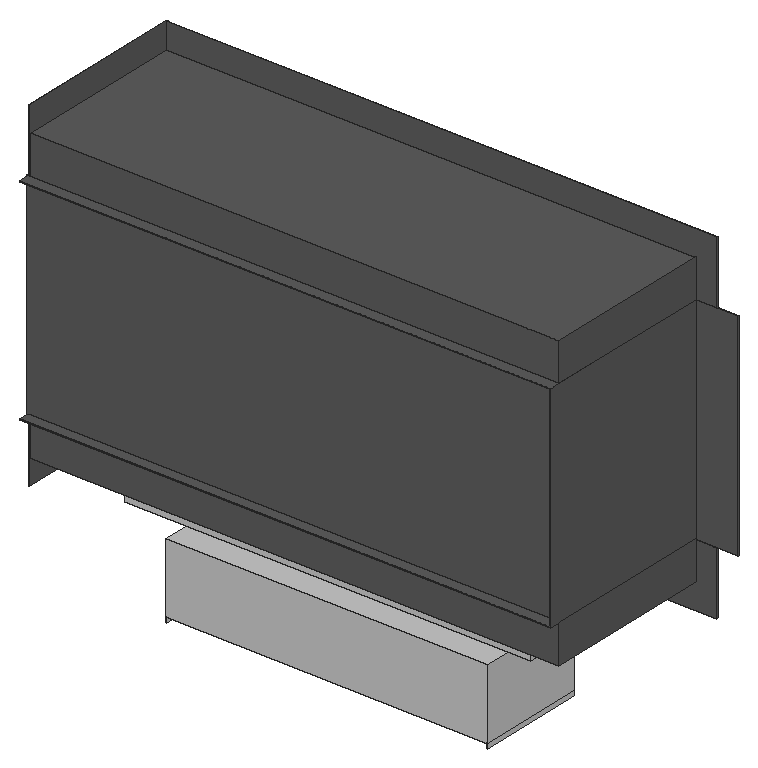
Revit family "1PLANIKA_FLA3_XL_CASING_FORMA_RIGHT-CORNER", category Attrezzatura meccanica, host Muro, Revit 2017
Family settings
  Host = Muro
  Quota connettore circolare = Usa diametro
  Tipo di parte = Normale
  Sempre verticale = Sì
  Taglio con vuoti quando caricato = No
  Condiviso = No
  Punto di calcolo locali = Sì
Parameters (values of type "FLA3_XL_FORMA_1200_RIGHT-CORNER")
  URL = "https://www.planikafires.com"
  TECHNICAL SHEET = "https://www.planikausa.com/indoor-ethanol-fireplaces/two-sided/"
  PRODUCT SHEET = "https://www.archiproducts.com/en/products/planika/bioethanol-fireplace-insert-fla-3-xl-in-casing-forma_431074"
  POWER SUPPLY = 230 V
  NET WEIGHT = 80.70 kg
  Modello = "FLA3 XL in FORMA RIGHT-CORNER"
  Produttore = "PLANIKA"
  MINIMUM ROOM CUBATURE = 81 m³
  MAXIMUM HEAT OUTPUT = 8.1 kWh
  MAXIMUM BURN TIME = "10 hours"
  MATERIAL DESCRIPTION = "Steel, galvanized steel, toughened glass."
  LENGTH = 1320 mm
  HEIGHT = 710 mm
  FUEL TYPE = "Bioethanol 86 - 96,6%"
  FUEL TANK CAPACITY = 17.2 L
  FORMA LENGTH = 1260 mm
  FLAME HEIGHT REGULATION = "6 stages"
  FLA 3 LENGTH = 990 mm
  FINISHING MATERIAL = Black painted steel -  Planika
  ENVIRONMENTAL PERFORMANCE = "Maximum heat output: 8.1 kWh"
  Descrizione = "Planika’s FORMA fireboxes are truly designed with the user in mind, making them a perfect focal point in any setting, residential or commercial alike. The transparent glass on the left corner enables the flame to be viewed from the front and the left corner, maximising the undisturbed view of the flickering flames. Now, thanks to the zero clearance and self-contained construction, you can frame your fireplace into wood or metal studs."
  DEPTH = 450 mm
  CASING FINISH = Black powder coated steel - Planika
  BIM USER MANUAL = "https://img.edilportale.com/bim/Planika-manual-Planika-bim.pdf"
  BIM BADGE = "https://bim.archiproducts.com/en/badge/bim-archiproducts-featured_658700/about"
  BIM AUTHOR = "https://bim.archiproducts.com"
  APPLICATION = "For indoor use only"
  AIR CHANGE RATE = "1 space volume per hour"
Types (6, lengths in mm): name | NET WEIGHT | MINIMUM ROOM CUBATURE | MAXIMUM HEAT OUTPUT | LENGTH | FUEL TANK CAPACITY | FORMA LENGTH | FLA 3 LENGTH | ENVIRONMENTAL PERFORMANCE
  FLA3_XL_FORMA_1200_RIGHT-CORNER | 80.70 kg | 81 m³ | 8.1 kWh | 1320 | 17.2 L | 1260 | 990 | "Maximum heat output: 8.1 kWh"
  FLA3_XL_FORMA_1000_RIGHT-CORNER | 67.70 kg | 69 m³ | 6.9 kWh | 1120 | 13.4 L | 1057 | 790 | "Maximum heat output: 6.9 kWh"
  FLA3_XL_FORMA_1500_RIGHT-CORNER | 97.60 kg | 113 m³ | 11.2 kWh | 1630 | 21.0 L | 1565 | 1190 | "Maximum heat output: 11.2 kWh"
  FLA3_XL_FORMA_1800_RIGHT-CORNER | 114.90 kg | 150 m³ | 15 kWh | 1930 | 26.8 L | 1870 | 1490 | "Maximum heat output: 15 kWh"
  FLA3_XL_FORMA_2300_RIGHT-CORNER | 159.80 kg | 212 m³ | 21.2 kWh | 2440 | 36.3 L | 2378 | 1990 | "Maximum heat output: 21.2 kWh"
  FLA3_XL_FORMA_2700_RIGHT-CORNER | 233.40 kg | 275 m³ | 27.5 kWh | 2800 | 45.9 L | 2733 | 2490 | "Maximum heat output: 27.5 kWh"
Reference planes
  plane 1 "Wall": y = 0
  plane 2 "Center (Left/Right)": x = 125
  plane 3 "Back": y = 254
  plane 4: x = 755
  plane 5: x = -505
Forms (mm)
  Extrusion 1, void
    sketch origin (125, 0, 0) x (0, 1, 0) y (0, 0, 1)
      loop
        line (-202, 1898.739) -> (-202, 1390.739) -> (254, 1390.739) -> (254, 1898.739) -> (-202, 1898.739)
    from -630 to 630
Text (mm)
  text "Placement Side" at (-1848.837, 1116.779, 0), in view "Ref. Level"
  text "Placement side" at (0, 1409.804, 2854.306), in view "Left"
  text "Placement side" at (0, 499.811, 2980.732), in view "Right"
Dimensions and locks
  locked: plane 3 "Back" to host wall
  equal spacing: plane 4, plane 2 "Center (Left/Right)", plane 5
  "FORMA LENGTH": plane 4 to plane 5
  locked: nested 1 to plane 3 "Back" at 228.2
  aligned and locked: plane 1 "Wall" to host wall
  aligned and locked: nested 1 to plane 2 "Center (Left/Right)"
  aligned and locked: Extrusion 1 sketch curve to host wall
  aligned and locked: Extrusion 1 to plane 5
  aligned and locked: plane 4 to Extrusion 1
Automatic sketch dimensions
  Extrusion 1 sketch curve to host wall = 52 mm
  level to Extrusion 1 sketch curve = 1390.739 mm
  Extrusion 1 sketch curve to Extrusion 1 sketch curve = 508 mm
Nested families
  nested 1: "FLA_3_XL" at (125, 25.8, 993.239) x (-1, 0, 0) z (0, 0, 1), Length <- "FLA 3 LENGTH", Material <- "FINISHING MATERIAL", type "FLA_3_XL"
    with Material Black painted steel -  Planika, Length 990 mm
  nested 2: "CASING_FORMA" at (125, 204, 1644.739) x (1, 0, 0) z (0, 1, 0), Length <- "FORMA LENGTH", MATERIAL <- "CASING FINISH", type "CASING_FORMA"
    with MATERIAL Black powder coated steel - Planika, Length 1260 mm
Connectors
  electrical at (77.672, -72.643, 1213.239), driven by "POWER SUPPLY"
    settings: on nested 1, index 1, voltage 230 V, apparent load 0 VA, apparent load phase1 0 VA, apparent load phase2 0 VA, apparent load phase3 0 VA, power factor 1, load classification "Power", number of poles 1, system type 31, power factor state 1, is connector primary yes, connector utility no, sub classification motor no, connector description ""
Definition of nested family "FLA_3_XL"
  Parameters (values of type "FLA_3_XL")
    URL = ""
    Model = ""
    Material [instance] = none
    Manufacturer = ""
    Length [instance] = 990 mm
    Description = ""
    Default Elevation = 1219.2 mm
  Reference planes
    plane 1 "Center (Front/Back)": y = 0
    plane 2: z = 0
    plane 3 "Center (Left/Right)": x = 0
    plane 4: x = -495
    plane 5: x = 495
    plane 6: x = -400
    plane 7: x = 400
    plane 8: x = -447.5
    plane 9: x = 447.5
    plane 10 "Level 1": z = 0
    plane 11: z = 455.862
  Forms (mm)
    Extrusion 1, solid, material <- "Material", detail levels fine
      sketch origin (0, 0, 0) x (0, 1, 0) y (-1, 0, 0)
        loop
          line (-139.982, 495) -> (-139.982, -495) -> (139.98, -495) -> (139.98, 495) -> (-139.982, 495)
        loop
          line (-19.978, 400) -> (-19.978, -400) -> (23.031, -400) -> (23.031, 400) -> (-19.978, 400)
        loop
          line (-72.434, 475) -> (-101.434, 475) -> (-101.434, 470) -> (-72.434, 470) -> (-72.434, 475)
        loop
          line (-72.434, 468) -> (-101.434, 468) -> (-101.434, 463) -> (-72.434, 463) -> (-72.434, 468)
        loop
          line (-41.457, 475) -> (-70.457, 475) -> (-70.457, 470) -> (-41.457, 470) -> (-41.457, 475)
        loop
          line (-41.457, 468) -> (-70.457, 468) -> (-70.457, 463) -> (-41.457, 463) -> (-41.457, 468)
        loop
          line (-70.457, -475) -> (-41.457, -475) -> (-41.457, -470) -> (-70.457, -470) -> (-70.457, -475)
        loop
          line (-70.457, -468) -> (-41.457, -468) -> (-41.457, -463) -> (-70.457, -463) -> (-70.457, -468)
        loop
          line (-101.434, -475) -> (-72.434, -475) -> (-72.434, -470) -> (-101.434, -470) -> (-101.434, -475)
        loop
          line (-101.434, -468) -> (-72.434, -468) -> (-72.434, -463) -> (-101.434, -463) -> (-101.434, -468)
      from 400 to 403
    Extrusion 2, solid, detail levels fine
      sketch origin (0, 0, 0) x (0, 1, 0) y (-1, 0, 0)
        loop
          line (125.097, -480) -> (125.097, 480) -> (-125.1, 480) -> (-125.1, -480) -> (125.097, -480)
        loop
          line (-122.1, -477) -> (122.097, -477) -> (122.097, 477) -> (-122.1, 477) -> (-122.1, -477)
      from 220 to 400
    Extrusion 3, solid, detail levels fine
      sketch origin (-500, 1995.821, 1200) x (0, 1, 0) y (0, 0, 1)
        loop
          arc (-1972.79, -797) -> (-1977.026, -798.755) -> (-1978.781, -802.99) r 5.99
          line (-1978.781, -802.99) -> (-1978.781, -820.489) -> (-1976.085, -820.489) -> (-1976.085, -802.99)
          arc (-1976.085, -802.99) -> (-1975.12, -800.661) -> (-1972.79, -799.696) r 3.294
          line (-1972.79, -799.696) -> (-1972.79, -797)
        loop
          line (-2015.801, -797) -> (-2015.801, -799.696)
          arc (-2015.801, -799.696) -> (-2013.472, -800.661) -> (-2012.507, -802.99) r 3.294
          line (-2012.507, -802.99) -> (-2012.507, -820.489) -> (-2009.81, -820.489) -> (-2009.81, -802.99)
          arc (-2009.81, -802.99) -> (-2011.565, -798.755) -> (-2015.801, -797) r 5.99
      from 100 to 900
    Extrusion 4, solid, detail levels fine
      sketch origin (0, 0, 0) x (0, 1, 0) y (-1, 0, 0)
        loop
          line (122.097, 477) -> (-122.1, 477) -> (-122.1, -477) -> (122.097, -477) -> (122.097, 477)
      from 220 to 223
    Extrusion 5, solid, detail levels fine
      sketch origin (0, 0, 0) x (0, 1, 0) y (-1, 0, 0)
        loop
          circle (-36.96, 0) r 7.5
      from 403 to 422
    Extrusion 6, solid, detail levels fine
      sketch origin (0, 0, 0) x (0, 1, 0) y (-1, 0, 0)
        loop
          circle (-36.96, -250) r 7.5
      from 403 to 422
    Extrusion 7, solid, detail levels fine
      sketch origin (0, 0, 0) x (0, 1, 0) y (-1, 0, 0)
        loop
          circle (-36.96, 250) r 7.5
      from 403 to 422
    Extrusion 8, solid, detail levels fine
      sketch origin (-447.5, 1995.821, 1200) x (0, 1, 0) y (0, 0, 1)
        loop
          line (-2030.396, -744.138) -> (-2035.196, -744.138)
          arc (-2035.196, -744.138) -> (-2035.55, -744.284) -> (-2035.696, -744.638) r 0.5
          line (-2035.696, -744.638) -> (-2035.696, -793.638)
          arc (-2035.696, -793.638) -> (-2035.55, -793.991) -> (-2035.196, -794.138) r 0.5
          line (-2035.196, -794.138) -> (-2030.396, -794.138)
          arc (-2030.396, -794.138) -> (-2030.043, -793.991) -> (-2029.896, -793.638) r 0.5
          line (-2029.896, -793.638) -> (-2029.896, -744.638)
          arc (-2029.896, -744.638) -> (-2030.043, -744.284) -> (-2030.396, -744.138) r 0.5
      from 0 to 895
    Extrusion 9, solid, detail levels medium
      sketch origin (0, 0, 0) x (0, 1, 0) y (-1, 0, 0)
        loop
          line (-139.982, 495) -> (-139.982, -495) -> (139.98, -495) -> (139.98, 495) -> (-139.982, 495)
      from 0 to 400
    Extrusion 10, solid, detail levels fine
      sketch origin (-447.5, 1994.334, 1200) x (0, 1, 0) y (0, 0, 1)
        loop
          line (-1984.329, -792.199) -> (-1989.312, -792.199) -> (-1989.312, -795.189) -> (-1985.824, -795.189) -> (-1985.824, -802.166) -> (-2002.767, -802.166) -> (-2002.767, -795.189) -> (-1999.279, -795.189) -> (-1999.279, -792.199) -> (-2004.262, -792.199) -> (-2004.262, -822.1) -> (-1984.329, -822.1) -> (-1984.329, -792.199)
      from 47.5 to 847.5
    Extrusion 11, solid, detail levels fine
      sketch origin (0, 0, 0) x (0, 1, 0) y (-1, 0, 0)
        loop
          line (127, 381) -> (-127, 381) -> (-127, -381) -> (127, -381) -> (127, 381)
      from 10 to 176
    Extrusion 12, solid, detail levels fine
      sketch origin (96, 0, 0) x (1, 0, 0) y (0, 1, 0)
        loop
          line (-477, -127) -> (-474, -127) -> (-474, 127) -> (-477, 127) -> (-477, -127)
      from 0 to 10
    Extrusion 13, solid, detail levels fine
      sketch origin (-225, 0, 0) x (-1, 0, 0) y (0, -1, 0)
        loop
          line (-606, 127) -> (-606, -127) -> (-603, -127) -> (-603, 127) -> (-606, 127)
      from 0 to 10
    Extrusion 14, solid, detail levels fine
      sketch origin (0, 0, 0) x (1, 0, 0) y (0, 1, 0)
        loop
          line (32.328, 108.443) -> (32.328, 88.443) -> (62.328, 88.443) -> (62.328, 108.443) -> (32.328, 108.443)
      from 220 to 223
  Lines and regions (mm)
    model lines, detail levels coarse+medium
      curve 1: line (-495, -139.982, 0) -> (495, -139.982, 0)
      curve 2: line (-495, 139.98, 0) -> (-495, -139.982, 0)
      curve 3: line (495, 139.98, 0) -> (-495, 139.98, 0)
      curve 4: line (495, -139.982, 0) -> (495, 139.98, 0)
    model lines, detail levels medium
      curve 5: line (-400, -19.978, 0) -> (400, -19.978, 0)
      curve 6: line (-400, 23.031, 0) -> (-400, -19.978, 0)
      curve 7: line (400, 23.031, 0) -> (-400, 23.031, 0)
      curve 8: line (400, -19.978, 0) -> (400, 23.031, 0)
      curve 9: line (-447.5, -39.875, 0) -> (447.5, -39.875, 0)
      curve 10: line (-447.5, -34.075, 0) -> (-447.5, -39.875, 0)
      curve 11: line (447.5, -34.075, 0) -> (-447.5, -34.075, 0)
      curve 12: line (447.5, -39.875, 0) -> (447.5, -34.075, 0)
  Dimensions and locks
    equal spacing: plane 4, plane 3 "Center (Left/Right)", plane 5
    "Length": plane 4 to plane 5
    locked: plane 4 to plane 6 at 95
    locked: plane 7 to plane 5 at 95
    equal spacing: plane 4, plane 8, plane 6
    equal spacing: plane 7, plane 9, plane 5
    Extrusion 10 sketch curve to Extrusion 10 sketch curve to Extrusion 10 sketch curve to Extrusion 10 sketch curve = 19.934 mm locked, 6.977 mm locked, 2.99 mm locked
    locked: plane 10 "Level 1" to Extrusion 10 sketch curve at 377.9
    Extrusion 3 sketch curve to Extrusion 3 sketch curve to Extrusion 3 sketch curve to plane 10 "Level 1" = 2.696 mm locked, 20.792 mm locked, 379.511 mm locked
    plane 10 "Level 1" to Extrusion 8 sketch curve to Extrusion 8 sketch curve = 405.862 mm locked, 50 mm locked
    locked: Extrusion 14 to Extrusion 14 at 3
    locked: plane 11 to plane 2 at 455.862
    Extrusion 11 to plane 3 "Center (Left/Right)" to Extrusion 11 = 381 mm locked, 381 mm locked
    locked: Extrusion 12 sketch curve to Extrusion 12 sketch curve at 3
    locked: Extrusion 13 sketch curve to Extrusion 13 sketch curve at 3
    aligned and locked: level to plane 2
    aligned and locked: Extrusion 1 sketch curve to plane 4
    aligned and locked: plane 5 to Extrusion 1 sketch curve
    aligned and locked: Extrusion 3 to plane 6
    aligned and locked: plane 7 to Extrusion 3
    aligned and locked: Extrusion 8 to plane 8
    aligned and locked: plane 9 to Extrusion 8
    aligned and locked: Extrusion 9 sketch curve to Extrusion 1  (x2)
    aligned and locked: curve 2 to Extrusion 1
    aligned and locked: curve 4 to Extrusion 1
    aligned and locked: curve 6 to Extrusion 1
    aligned and locked: curve 10 to Extrusion 8
    aligned and locked: curve 12 to Extrusion 8
    aligned and locked: Extrusion 10 to Extrusion 1  (x2)
    aligned and locked: Extrusion 1 sketch curve to plane 7
    aligned and locked: Extrusion 2 to Extrusion 14
    aligned and locked: plane 4 to nested 1
    aligned and locked: nested 1 to Extrusion 1  (x2)
    aligned and locked: nested 2 to plane 11
    aligned and locked: nested 2 to plane 2
    aligned and locked: plane 4 to nested 2
    aligned and locked: plane 5 to nested 2
    aligned and locked: nested 3 to plane 11
    aligned and locked: nested 3 to plane 2
    aligned and locked: nested 3 to Extrusion 9  (x2)
    aligned and locked: Extrusion 12 to Extrusion 11
    aligned and locked: Extrusion 13 to Extrusion 11
  Automatic sketch dimensions
    curve 7 to plane 7 = 0 mm
    plane 1 "Center (Front/Back)" to curve 1 = 139.982 mm
    plane 1 "Center (Front/Back)" to curve 9 = 39.875 mm
    curve 9 to curve 11 = 5.8 mm
    plane 1 "Center (Front/Back)" to curve 6 = 19.978 mm
    curve 8 to plane 1 "Center (Front/Back)" = 23.031 mm
    curve 3 to plane 1 "Center (Front/Back)" = 139.98 mm
    Extrusion 1 sketch curve to plane 6 = 0 mm
    plane 1 "Center (Front/Back)" to Extrusion 1 sketch curve = 139.982 mm
    Extrusion 1 sketch curve to plane 5 = 20 mm  (x2)
    Extrusion 1 sketch curve to Extrusion 1 sketch curve = 38.548 mm  (x2)
    Extrusion 1 sketch curve to Extrusion 1 sketch curve = 0 mm  (x10)
    Extrusion 1 sketch curve to plane 8 = 15.5 mm
    Extrusion 1 sketch curve to Extrusion 1 sketch curve = 29 mm  (x4)
    Extrusion 1 sketch curve to Extrusion 1 sketch curve = 1.977 mm  (x4)
    plane 1 "Center (Front/Back)" to Extrusion 1 sketch curve = 19.978 mm
    Extrusion 1 sketch curve to plane 1 "Center (Front/Back)" = 23.031 mm
    Extrusion 1 sketch curve to plane 1 "Center (Front/Back)" = 139.98 mm
    Extrusion 1 sketch curve to Extrusion 1 sketch curve = 5 mm  (x7)
    Extrusion 1 sketch curve to Extrusion 1 sketch curve = 2 mm  (x2)
    plane 4 to Extrusion 2 sketch curve = 15 mm
    plane 1 "Center (Front/Back)" to Extrusion 2 sketch curve = 125.1 mm
    Extrusion 2 sketch curve to Extrusion 2 sketch curve = 3 mm  (x4)
    Extrusion 2 sketch curve to plane 5 = 18 mm
    Extrusion 2 sketch curve to plane 1 "Center (Front/Back)" = 122.097 mm
    Extrusion 3 sketch curve to Extrusion 3 sketch curve = 0 mm  (x3)
    plane 1 "Center (Front/Back)" to Extrusion 3 sketch curve = 19.98 mm
    plane 1 "Center (Front/Back)" to Extrusion 3 sketch curve = 16.685 mm
    Extrusion 3 sketch curve to plane 1 "Center (Front/Back)" = 17.041 mm
    Extrusion 3 sketch curve to Extrusion 3 sketch curve = 2.696 mm
    Extrusion 3 sketch curve to Extrusion 3 sketch curve = 3.294 mm
    Extrusion 3 sketch curve to Extrusion 3 sketch curve = 17.498 mm
    plane 4 to Extrusion 4 sketch curve = 18 mm
    plane 1 "Center (Front/Back)" to Extrusion 4 sketch curve = 122.1 mm
    Extrusion 4 sketch curve to plane 1 "Center (Front/Back)" = 122.097 mm
    Extrusion 4 sketch curve to plane 5 = 18 mm
    Extrusion 5 sketch curve to plane 3 "Center (Left/Right)" = 0 mm
    plane 1 "Center (Front/Back)" to Extrusion 5 sketch curve = 36.96 mm
    plane 1 "Center (Front/Back)" to Extrusion 6 sketch curve = 36.96 mm
    Extrusion 6 sketch curve to plane 7 = 150 mm
    plane 1 "Center (Front/Back)" to Extrusion 7 sketch curve = 36.96 mm
    plane 6 to Extrusion 7 sketch curve = 150 mm
    plane 1 "Center (Front/Back)" to Extrusion 8 sketch curve = 39.875 mm
    Extrusion 8 sketch curve to Extrusion 8 sketch curve = 0.5 mm  (x3)
    Extrusion 8 sketch curve to Extrusion 8 sketch curve = 4.8 mm  (x2)
    plane 1 "Center (Front/Back)" to Extrusion 9 sketch curve = 139.982 mm
    Extrusion 9 sketch curve to plane 1 "Center (Front/Back)" = 139.98 mm
    plane 1 "Center (Front/Back)" to Extrusion 10 sketch curve = 9.928 mm
    plane 1 "Center (Front/Back)" to Extrusion 10 sketch curve = 8.433 mm
    Extrusion 10 sketch curve to Extrusion 10 sketch curve = 3.488 mm  (x2)
    Extrusion 10 sketch curve to plane 1 "Center (Front/Back)" = 5.022 mm
    Extrusion 10 sketch curve to Extrusion 10 sketch curve = 1.495 mm
    Extrusion 10 sketch curve to Extrusion 10 sketch curve = 6.977 mm
    Extrusion 10 sketch curve to Extrusion 10 sketch curve = 2.99 mm
    plane 6 to Extrusion 11 sketch curve = 19 mm
    plane 1 "Center (Front/Back)" to Extrusion 11 sketch curve = 127 mm
    Extrusion 11 sketch curve to plane 1 "Center (Front/Back)" = 127 mm
    Extrusion 11 sketch curve to plane 7 = 19 mm
    plane 6 to Extrusion 12 sketch curve = 19 mm
    plane 1 "Center (Front/Back)" to Extrusion 12 sketch curve = 127 mm
    Extrusion 12 sketch curve to plane 1 "Center (Front/Back)" = 127 mm
    plane 7 to Extrusion 13 sketch curve = 19 mm
    Extrusion 13 sketch curve to plane 1 "Center (Front/Back)" = 127 mm
    plane 1 "Center (Front/Back)" to Extrusion 13 sketch curve = 127 mm
    plane 3 "Center (Left/Right)" to Extrusion 14 sketch curve = 32.328 mm
    Extrusion 14 sketch curve to Extrusion 14 sketch curve = 30 mm
    Extrusion 14 sketch curve to plane 1 "Center (Front/Back)" = 88.443 mm
    Extrusion 14 sketch curve to Extrusion 14 sketch curve = 20 mm
    radius of Extrusion 5 sketch curve = 7.5 mm
    radius of Extrusion 6 sketch curve = 7.5 mm
    radius of Extrusion 7 sketch curve = 7.5 mm
  Nested families
    nested 1: "FIREPLACE_SYMBOL_detail item" at (175, -0.001, 0), type "FIREPLACE_SYMBOL_detail item", detail levels coarse
      with WIDTH 1340 mm, HEIGHT 279.962 mm
    nested 2: "FIREPLACE_SYMBOL_detail item" at (0, 0, 227.931) x (1, 0, 0) z (0, -1, 0), type "FIREPLACE_SYMBOL_detail item", detail levels coarse
      with WIDTH 990 mm, HEIGHT 455.862 mm
    nested 3: "FIREPLACE_SYMBOL_detail item" at (0, -0.001, 227.931) x (0, 1, 0) z (1, 0, 0), type "FIREPLACE_SYMBOL_detail item", detail levels coarse
      with WIDTH 279.962 mm, HEIGHT 455.862 mm
  Connectors
    electrical at (47.328, 98.443, 220)
      settings: on Extrusion 14, index 1, voltage 230 V, apparent load 0 VA, apparent load phase1 0 VA, apparent load phase2 0 VA, apparent load phase3 0 VA, power factor 1, load classification none, number of poles 1, system type 31, power factor state 1, is connector primary yes, connector utility no, sub classification motor no, connector description ""
  Definition of nested family "FIREPLACE_SYMBOL_detail item"
    Parameters (values of type "FIREPLACE_SYMBOL_detail item")
      WIDTH [instance] = 500 mm
      HEIGHT [instance] = 500 mm
    Reference planes
      plane 1 "Center (Front/Back)": y = 0
      plane 2: z = 0
      plane 3 "Center (Left/Right)": x = 0
      plane 4: x = 250
      plane 5: x = -250
      plane 6: y = 250
      plane 7: y = -250
    Lines and regions (mm)
      Filled region 1, type "Concrete", in view "Ref. Level"
        outline origin (-246.617, 90, 0) x (1, 0, 0) y (0, 1, 0)
          loop
            line (-3.383, -340) -> (496.617, -340) -> (496.617, 160) -> (-3.383, -340)
      detail lines, in view "Ref. Level"
        curve 1: line (-250, 250, 0) -> (250, 250, 0)
        curve 2: line (-250, -250, 0) -> (-250, 250, 0)
        curve 3: line (250, -250, 0) -> (-250, -250, 0)
        curve 4: line (250, 250, 0) -> (250, -250, 0)
    Dimensions and locks
      equal spacing: plane 5, plane 3 "Center (Left/Right)", plane 4
      equal spacing: plane 7, plane 1 "Center (Front/Back)", plane 6
      "WIDTH": plane 5 to plane 4
      "HEIGHT": plane 7 to plane 6
      aligned and locked: plane 6 to curve 1
      aligned and locked: plane 5 to curve 2
      aligned and locked: curve 3 to plane 7
      aligned and locked: curve 4 to plane 4
      aligned and locked: plane 6 to Filled region 1 sketch curve
      aligned and locked: plane 5 to Filled region 1 sketch curve
      aligned and locked: Filled region 1 sketch curve to plane 4
      aligned and locked: plane 7 to Filled region 1 sketch curve
Definition of nested family "CASING_FORMA"
  Parameters (values of type "CASING_FORMA")
    Width = 406 mm
    Height = 688 mm
    Length [instance] = 1260 mm
    MATERIAL [instance] = none
    Default Elevation = 1219.2 mm
  Reference planes
    plane 1 "Center (Front/Back)": y = 0
    plane 2: z = 0
    plane 3 "Center (Left/Right)": x = 0
    plane 4: x = -630
    plane 5: x = 630
    plane 6: y = 344
    plane 7: y = -344
    plane 8: z = -406
  Forms (mm)
    Extrusion 1, solid, material <- "MATERIAL"
      sketch origin (0, 0, 0) x (1, 0, 0) y (0, 1, 0)
        loop
          line (-625, -254) -> (630, -254) -> (630, 254) -> (-625, 254) -> (-625, 251.5) -> (627.5, 251.5) -> (627.5, -251.5) -> (-625, -251.5) -> (-625, -254)
      from -431 to 50
    Extrusion 2, solid, material <- "MATERIAL", detail levels fine
      sketch origin (0, 0, 0) x (1, 0, 0) y (0, 1, 0)
        loop
          line (630, -254) -> (730, -254) -> (730, 254) -> (630, 254) -> (630, -254)
      from -2.5 to 0
    Extrusion 3, solid, material <- "MATERIAL"
      sketch origin (0, 0, 0) x (1, 0, 0) y (0, 1, 0)
        loop
          line (-625, 251.5) -> (-625, -251.5) -> (627.5, -251.5) -> (627.5, 251.5) -> (-625, 251.5)
      from -406 to -403.5
    Extrusion 4, solid, material <- "MATERIAL", detail levels fine
      sketch origin (0, 0, 0) x (1, 0, 0) y (0, 0, 1)
        loop
          line (-622.5, -406) -> (630, -406) -> (630, -2.5) -> (-622.5, -2.5) -> (-622.5, -406)
      from -344 to -254
    Extrusion 5, solid, material <- "MATERIAL", detail levels fine
      sketch origin (10, 0, 0) x (1, 0, 0) y (0, 0, 1)
        loop
          line (-632.5, -406) -> (620, -406) -> (620, -2.5) -> (-632.5, -2.5) -> (-632.5, -406)
      from 254 to 344
    Extrusion 6, solid, material <- "MATERIAL", detail levels fine
      sketch origin (0, 0, 0) x (1, 0, 0) y (0, 0, 1)
        loop
          line (-625, 0) -> (-625, -406) -> (-622.5, -406) -> (-622.5, -2.5) -> (680, -2.5) -> (680, 0) -> (-625, 0)
      from 254 to 404
    Extrusion 7, solid, material <- "MATERIAL", detail levels fine
      sketch origin (2000, 0, 0) x (1, 0, 0) y (0, 0, 1)
        loop
          line (-2625, 0) -> (-2625, -406) -> (-2622.5, -406) -> (-2622.5, -2.5) -> (-1320, -2.5) -> (-1320, 0) -> (-2625, 0)
      from -404 to -254
    Extrusion 8, solid, material <- "MATERIAL"
      sketch origin (0, 0, 0) x (0, 1, 0) y (0, 0, 1)
        loop
          line (254, 50) -> (251.5, 50) -> (251.5, -403.5) -> (-251.5, -403.5) -> (-251.5, 50) -> (-254, 50) -> (-254, -406) -> (254, -406) -> (254, 50)
      from -630 to -625
  Cuts and joins
    joined: Extrusion 1, Extrusion 3, Extrusion 8
  Dimensions and locks
    "Length": plane 4 to plane 5
    equal spacing: plane 4, plane 3 "Center (Left/Right)", plane 5
    equal spacing: plane 7, plane 1 "Center (Front/Back)", plane 6
    "Height": plane 7 to plane 6
    "Width": plane 2 to plane 8
    locked: Extrusion 1 sketch curve to Extrusion 1 sketch curve at 2.5  (x3)
    locked: plane 5 to Extrusion 2 sketch curve at 100
    locked: Extrusion 1 to plane 2 at 50
    locked: Extrusion 1 to plane 8 at 25
    locked: Extrusion 3 to plane 8 at 2.5
    locked: Extrusion 6 sketch curve to plane 4 at 5
    locked: Extrusion 6 sketch curve to Extrusion 6 sketch curve at 2.5
    locked: Extrusion 7 sketch curve to Extrusion 7 sketch curve at 2.5  (x2)
    Extrusion 6 to plane 7 to Extrusion 1 = 60 mm locked, 90 mm locked
    locked: Extrusion 7 sketch curve to plane 4 at 5
    locked: plane 5 to Extrusion 7 sketch curve at 50
    Extrusion 7 to plane 6 to Extrusion 7 = 90 mm locked, 60 mm locked
    locked: plane 4 to Extrusion 1 sketch curve at 5
    aligned and locked: level to plane 2
    aligned and locked: Extrusion 1 sketch curve to plane 5
    aligned and locked: plane 5 to Extrusion 2 sketch curve
    aligned and locked: plane 8 to Extrusion 3
    aligned and locked: Extrusion 4 sketch curve to plane 8
    aligned and locked: plane 5 to Extrusion 4 sketch curve
    aligned and locked: Extrusion 4 to plane 6
    aligned and locked: plane 7 to Extrusion 5
    aligned and locked: Extrusion 5 sketch curve to plane 8
    aligned and locked: plane 2 to Extrusion 2
    aligned and locked: plane 8 to Extrusion 6 sketch curve
    aligned and locked: Extrusion 6 sketch curve to plane 2
    aligned and locked: Extrusion 1 to Extrusion 6  (x2)
    aligned and locked: plane 8 to Extrusion 7 sketch curve
    aligned and locked: Extrusion 7 sketch curve to plane 2
    aligned and locked: Extrusion 4 to Extrusion 1
    aligned and locked: Extrusion 1 to Extrusion 3
    aligned and locked: Extrusion 4 sketch curve to Extrusion 6
    aligned and locked: Extrusion 5 to Extrusion 6
    aligned and locked: Extrusion 5 to plane 5
    aligned and locked: Extrusion 5 to Extrusion 1
    aligned and locked: Extrusion 7 to Extrusion 3
    aligned and locked: Extrusion 3 to Extrusion 1 sketch curve
    aligned and locked: Extrusion 8 sketch curve to Extrusion 7
    aligned and locked: Extrusion 8 sketch curve to Extrusion 1
    aligned and locked: Extrusion 8 sketch curve to Extrusion 3  (x2)
    aligned and locked: Extrusion 1 to Extrusion 8 sketch curve  (x2)
    aligned and locked: Extrusion 8 sketch curve to Extrusion 6
    aligned and locked: Extrusion 8 to Extrusion 3
    aligned and locked: Extrusion 8 to plane 4
  Automatic sketch dimensions
    plane 4 to Extrusion 3 sketch curve = 5 mm
    plane 4 to Extrusion 5 sketch curve = 7.5 mm
    Extrusion 6 sketch curve to level = 2.5 mm
    Extrusion 1 sketch curve to plane 7 = 92.5 mm
    Extrusion 2 sketch curve to plane 7 = 90 mm
    Extrusion 5 sketch curve to level = 2.5 mm
    Extrusion 6 sketch curve to plane 5 = 50 mm
    plane 5 to Extrusion 3 sketch curve = 2.5 mm
    Extrusion 3 sketch curve to plane 7 = 92.5 mm
    plane 6 to Extrusion 3 sketch curve = 92.5 mm
    plane 5 to Extrusion 5 sketch curve = 0 mm
    plane 6 to Extrusion 1 sketch curve = 92.5 mm
    plane 6 to Extrusion 2 sketch curve = 90 mm
    Extrusion 4 sketch curve to level = 2.5 mm
    level to Extrusion 8 sketch curve = 50 mm
